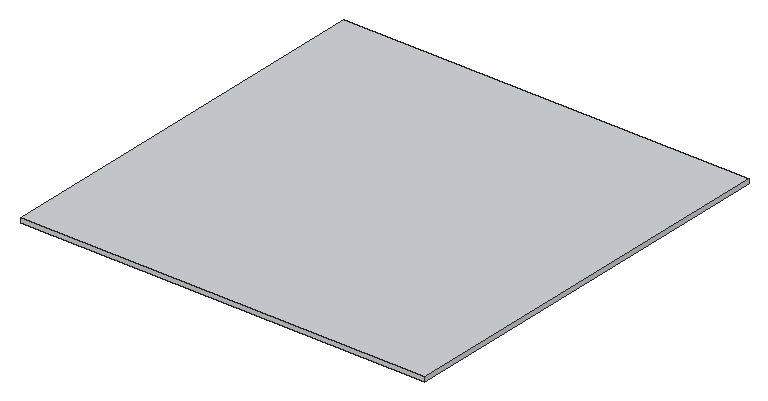
Revit family "M18", category Air Terminals, host Face, Revit 2025 (continued)
Automatic sketch dimensions
  plane 3 "Center (Left/Right)" to Extrusion 40 sketch curve = 4.85705"
  plane 1 "Center (Front/Back)" to Extrusion 40 sketch curve = 11 23/32"
  plane 3 "Center (Left/Right)" to Extrusion 41 sketch curve = 4.26951"
  plane 1 "Center (Front/Back)" to Extrusion 41 sketch curve = 11 23/32"
  plane 3 "Center (Left/Right)" to Extrusion 42 sketch curve = 3.68197"
  plane 1 "Center (Front/Back)" to Extrusion 42 sketch curve = 11 23/32"
  plane 3 "Center (Left/Right)" to Extrusion 43 sketch curve = 3.09442"
  plane 1 "Center (Front/Back)" to Extrusion 43 sketch curve = 11 23/32"
  plane 3 "Center (Left/Right)" to Extrusion 44 sketch curve = 2.50688"
  plane 1 "Center (Front/Back)" to Extrusion 44 sketch curve = 11 23/32"
  plane 3 "Center (Left/Right)" to Extrusion 45 sketch curve = 1.91933"
  plane 1 "Center (Front/Back)" to Extrusion 45 sketch curve = 11 23/32"
  plane 3 "Center (Left/Right)" to Extrusion 46 sketch curve = 1.33179"
  plane 1 "Center (Front/Back)" to Extrusion 46 sketch curve = 11 23/32"
  plane 3 "Center (Left/Right)" to Extrusion 47 sketch curve = 0.74424"
  plane 1 "Center (Front/Back)" to Extrusion 47 sketch curve = 11 23/32"
  plane 3 "Center (Left/Right)" to Extrusion 48 sketch curve = 0.1567"
  plane 1 "Center (Front/Back)" to Extrusion 48 sketch curve = 11 23/32"
  Extrusion 49 sketch curve to plane 3 "Center (Left/Right)" = 0.43085"
  plane 1 "Center (Front/Back)" to Extrusion 49 sketch curve = 11 23/32"
  Extrusion 50 sketch curve to plane 3 "Center (Left/Right)" = 1.01839"
  plane 1 "Center (Front/Back)" to Extrusion 50 sketch curve = 11 23/32"
  Extrusion 51 sketch curve to plane 3 "Center (Left/Right)" = 1.60594"
  plane 1 "Center (Front/Back)" to Extrusion 51 sketch curve = 11 23/32"
  Extrusion 53 sketch curve to plane 3 "Center (Left/Right)" = 2.78103"
  plane 1 "Center (Front/Back)" to Extrusion 53 sketch curve = 11 23/32"
  Extrusion 54 sketch curve to plane 3 "Center (Left/Right)" = 3.36857"
  plane 1 "Center (Front/Back)" to Extrusion 54 sketch curve = 11 23/32"
  Extrusion 55 sketch curve to plane 3 "Center (Left/Right)" = 3.95612"
  plane 1 "Center (Front/Back)" to Extrusion 55 sketch curve = 11 23/32"
  Extrusion 56 sketch curve to plane 3 "Center (Left/Right)" = 4.54366"
  plane 1 "Center (Front/Back)" to Extrusion 56 sketch curve = 11 23/32"
  Extrusion 57 sketch curve to plane 3 "Center (Left/Right)" = 5.13121"
  plane 1 "Center (Front/Back)" to Extrusion 57 sketch curve = 11 23/32"
  Extrusion 3 sketch curve to plane 3 "Center (Left/Right)" = 5 23/32"
  Extrusion 3 sketch curve to plane 1 "Center (Front/Back)" = 11.57198"
  profile plane to Sweep 2 sketch curve = 3/4"
  Sweep 2 sketch curve to Sweep 2 sketch curve = 0.05764"  (x2)
  Sweep 2 sketch curve to Sweep 2 sketch curve = 0.08362"
  Sweep 2 sketch curve to Sweep 2 sketch curve = 0.05334"
  Sweep 2 sketch curve to Sweep 2 sketch curve = 0.05401"
  Sweep 2 sketch curve to Sweep 2 sketch curve = 0.07336"
  Sweep 2 sketch curve to Sweep 2 sketch curve = 0.14677"
  Sweep 2 sketch curve to Sweep 2 sketch curve = 0.0885"
  profile plane to Sweep 2 sketch curve = 0.13924"
  profile plane to Sweep 2 sketch curve = 0.03676"
  Sweep 2 sketch curve to profile plane = 0.03676"
  Sweep 2 sketch curve to profile plane = 0.13924"
  Sweep 2 sketch curve to profile plane = 9/32"
  Sweep 2 sketch curve to profile plane = 2.87026"
  Sweep 2 sketch curve to Sweep 2 sketch curve = 0.18527"  (x2)
  Sweep 2 sketch curve to Sweep 2 sketch curve = 0.10248"
  Sweep 2 sketch curve to Sweep 2 sketch curve = 0"  (x2)
  Sweep 2 sketch curve to Sweep 2 sketch curve = 0.45519"
  Sweep 2 sketch curve to Sweep 2 sketch curve = 0.913"
  Sweep 2 sketch curve to Sweep 2 sketch curve = 0.06704"
  Sweep 2 sketch curve to Sweep 2 sketch curve = 0.06014"
  Sweep 2 sketch curve to Sweep 2 sketch curve = 0.06146"
  Sweep 2 sketch curve to Sweep 2 sketch curve = 0.18296"
  Sweep 2 sketch curve to Sweep 2 sketch curve = 0.05625"
  Sweep 2 sketch curve to Sweep 2 sketch curve = 0.03865"
  Sweep 2 sketch curve to Sweep 2 sketch curve = 0.07652"
  Sweep 2 sketch curve to Sweep 2 sketch curve = 0.07973"
Connectors (in)
  hvac at (0, 0, -3.19161), driven by "Duct Width", driven by "Duct Height"
    settings: on Blend 116, index 1, duct flow 0 CFM, flow factor 0, pres drop 0.00 in-wg, loss coef 0, conn angle 0.00°, conn width 12", conn height 12", conn diameter 12", duct sys type 1, conn prof type 1, flow config 0, flow direction 0, loss method 0, conn ref index -1, conn util no, is conn primary yes, conn desc ""
